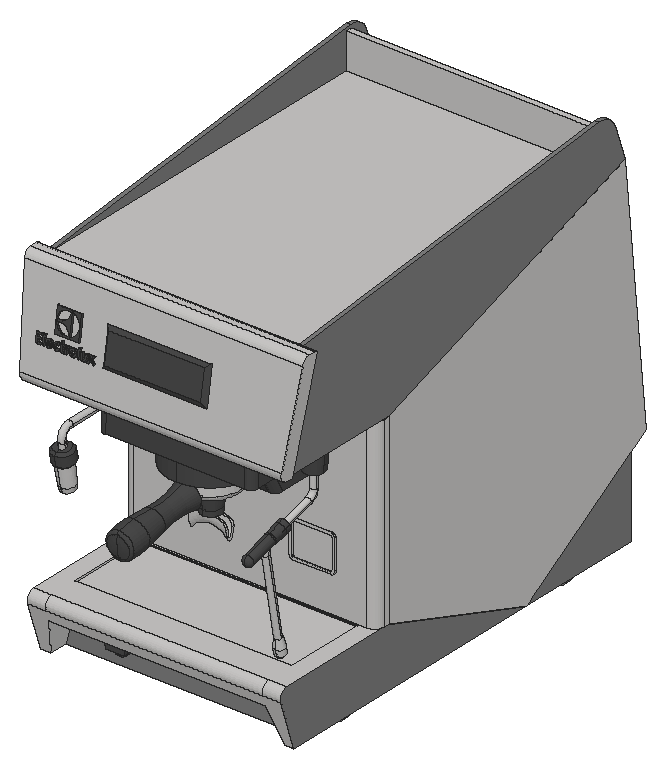
Revit family "QF_ELECTROLUXPROFESSIONAL_602515_MIRA1DHACL", category Specialty Equipment, Revit 2018 (continued)
Definition of nested family "ELX_Logo_S_New"
  Forms (mm)
    Extrusion 2, solid, material <- "M"
      sketch origin (0, 0, 0) x (1, 0, 0) y (0, 1, 0)
        loop
          spline (-17.695, -0.926) -> (-17.714, -0.681) -> (-17.771, -0.445) -> (-17.861, -0.221) -> (-17.984, -0.01) -> (-18.135, 0.184) -> (-18.314, 0.36) -> (-18.516, 0.516) -> (-18.741, 0.648) -> (-18.984, 0.755) -> (-19.244, 0.834) -> (-19.518, 0.883) -> (-19.804, 0.9)
          spline (-19.804, 0.9) -> (-20.11, 0.884) -> (-20.405, 0.835) -> (-20.686, 0.757) -> (-20.95, 0.652) -> (-21.195, 0.521) -> (-21.419, 0.367) -> (-21.618, 0.192) -> (-21.79, -0.003) -> (-21.934, -0.214) -> (-22.045, -0.439) -> (-22.122, -0.678) -> (-22.162, -0.926)
          line (-22.162, -0.926) -> (-17.695, -0.926)
        loop
          spline (-12.669, -1.807) -> (-12.646, -1.438) -> (-12.58, -1.088) -> (-12.472, -0.759) -> (-12.326, -0.455) -> (-12.145, -0.177) -> (-11.93, 0.072) -> (-11.685, 0.289) -> (-11.412, 0.473) -> (-11.114, 0.62) -> (-10.793, 0.728) -> (-10.453, 0.794) -> (-10.095, 0.817)
          spline (-10.095, 0.817) -> (-9.876, 0.81) -> (-9.665, 0.79) -> (-9.464, 0.756) -> (-9.271, 0.709) -> (-9.086, 0.65) -> (-8.908, 0.578) -> (-8.737, 0.495) -> (-8.572, 0.399) -> (-8.414, 0.292) -> (-8.261, 0.173) -> (-8.113, 0.044) -> (-7.969, -0.096)
          line (-7.969, -0.096) -> (-6.741, 1.183)
          spline (-6.741, 1.183) -> (-6.985, 1.427) -> (-7.237, 1.647) -> (-7.496, 1.843) -> (-7.762, 2.015) -> (-8.034, 2.164) -> (-8.312, 2.291) -> (-8.596, 2.397) -> (-8.886, 2.482) -> (-9.181, 2.546) -> (-9.481, 2.592) -> (-9.786, 2.619) -> (-10.095, 2.627)
          spline (-10.095, 2.627) -> (-10.715, 2.589) -> (-11.308, 2.476) -> (-11.871, 2.294) -> (-12.396, 2.046) -> (-12.88, 1.736) -> (-13.316, 1.369) -> (-13.7, 0.949) -> (-14.026, 0.48) -> (-14.289, -0.035) -> (-14.483, -0.59) -> (-14.604, -1.182) -> (-14.645, -1.807)
          spline (-14.645, -1.807) -> (-14.604, -2.431) -> (-14.483, -3.023) -> (-14.289, -3.578) -> (-14.026, -4.093) -> (-13.7, -4.562) -> (-13.316, -4.983) -> (-12.88, -5.35) -> (-12.396, -5.659) -> (-11.871, -5.907) -> (-11.308, -6.09) -> (-10.715, -6.202) -> (-10.095, -6.24)
          spline (-10.095, -6.24) -> (-9.786, -6.232) -> (-9.481, -6.205) -> (-9.181, -6.16) -> (-8.886, -6.095) -> (-8.596, -6.01) -> (-8.312, -5.904) -> (-8.034, -5.777) -> (-7.762, -5.628) -> (-7.496, -5.456) -> (-7.237, -5.26) -> (-6.985, -5.04) -> (-6.741, -4.796)
          line (-6.741, -4.796) -> (-7.969, -3.517)
          spline (-7.969, -3.517) -> (-8.113, -3.657) -> (-8.261, -3.786) -> (-8.414, -3.905) -> (-8.572, -4.012) -> (-8.737, -4.108) -> (-8.908, -4.192) -> (-9.086, -4.263) -> (-9.271, -4.323) -> (-9.464, -4.369) -> (-9.665, -4.403) -> (-9.876, -4.423) -> (-10.095, -4.43)
          spline (-10.095, -4.43) -> (-10.453, -4.408) -> (-10.793, -4.341) -> (-11.114, -4.233) -> (-11.412, -4.086) -> (-11.685, -3.902) -> (-11.93, -3.685) -> (-12.145, -3.436) -> (-12.326, -3.158) -> (-12.472, -2.854) -> (-12.58, -2.526) -> (-12.646, -2.176) -> (-12.669, -1.807)
        loop
          spline (-1.683, -4.138) -> (-1.858, -4.14) -> (-2.045, -4.127) -> (-2.24, -4.095) -> (-2.438, -4.04) -> (-2.633, -3.959) -> (-2.822, -3.85) -> (-2.998, -3.709) -> (-3.157, -3.533) -> (-3.294, -3.318) -> (-3.404, -3.061) -> (-3.483, -2.76) -> (-3.524, -2.411)
          line (-3.524, -2.411) -> (-3.524, 0.529) -> (-1.72, 0.529) -> (-1.72, 2.331) -> (-3.522, 2.331) -> (-3.522, 5.521) -> (-5.506, 5.521) -> (-5.506, -2.523)
          spline (-5.506, -2.523) -> (-5.463, -2.99) -> (-5.386, -3.429) -> (-5.274, -3.839) -> (-5.126, -4.218) -> (-4.941, -4.564) -> (-4.717, -4.877) -> (-4.455, -5.155) -> (-4.153, -5.396) -> (-3.81, -5.599) -> (-3.425, -5.762) -> (-2.998, -5.884) -> (-2.528, -5.964)
          line (-2.528, -5.964) -> (-1.69, -6.002) -> (-1.683, -4.138)
        loop
          spline (4.991, 2.446) -> (4.648, 2.468) -> (4.318, 2.461) -> (4.001, 2.429) -> (3.699, 2.371) -> (3.413, 2.288) -> (3.142, 2.182) -> (2.89, 2.052) -> (2.655, 1.901) -> (2.439, 1.728) -> (2.244, 1.535) -> (2.069, 1.322) -> (1.917, 1.091)
          line (1.917, 1.091) -> (1.917, 2.33) -> (-0.051, 2.33) -> (-0.051, -6.002) -> (1.917, -6.002) -> (1.917, -1.621)
          spline (1.917, -1.621) -> (1.935, -1.288) -> (1.988, -0.979) -> (2.075, -0.693) -> (2.195, -0.432) -> (2.345, -0.197) -> (2.526, 0.01) -> (2.736, 0.189) -> (2.972, 0.338) -> (3.235, 0.456) -> (3.522, 0.541) -> (3.832, 0.594) -> (4.165, 0.611)
          line (4.165, 0.611) -> (4.991, 0.529) -> (4.991, 2.446)
        loop
          spline (14.388, -1.836) -> (14.347, -1.224) -> (14.226, -0.642) -> (14.031, -0.093) -> (13.768, 0.418) -> (13.441, 0.887) -> (13.057, 1.308) -> (12.621, 1.677) -> (12.137, 1.989) -> (11.612, 2.24) -> (11.051, 2.425) -> (10.459, 2.539) -> (9.842, 2.578)
          spline (9.842, 2.578) -> (9.221, 2.539) -> (8.627, 2.425) -> (8.064, 2.24) -> (7.539, 1.989) -> (7.056, 1.677) -> (6.62, 1.308) -> (6.237, 0.887) -> (5.912, 0.418) -> (5.65, -0.093) -> (5.456, -0.642) -> (5.336, -1.224) -> (5.295, -1.836)
          spline (5.295, -1.836) -> (5.336, -2.447) -> (5.456, -3.029) -> (5.65, -3.578) -> (5.912, -4.089) -> (6.237, -4.558) -> (6.62, -4.979) -> (7.056, -5.348) -> (7.539, -5.66) -> (8.064, -5.911) -> (8.627, -6.096) -> (9.221, -6.211) -> (9.842, -6.25)
          spline (9.842, -6.25) -> (10.459, -6.211) -> (11.051, -6.096) -> (11.612, -5.911) -> (12.137, -5.66) -> (12.621, -5.348) -> (13.057, -4.979) -> (13.441, -4.558) -> (13.768, -4.089) -> (14.031, -3.578) -> (14.226, -3.029) -> (14.347, -2.447) -> (14.388, -1.836)
        loop
          spline (12.42, -1.836) -> (12.397, -1.475) -> (12.33, -1.131) -> (12.222, -0.807) -> (12.075, -0.504) -> (11.893, -0.227) -> (11.677, 0.022) -> (11.431, 0.241) -> (11.157, 0.426) -> (10.859, 0.575) -> (10.538, 0.685) -> (10.198, 0.753) -> (9.842, 0.777)
          spline (9.842, 0.777) -> (9.482, 0.753) -> (9.14, 0.685) -> (8.818, 0.575) -> (8.519, 0.426) -> (8.246, 0.241) -> (8.001, 0.022) -> (7.786, -0.227) -> (7.605, -0.504) -> (7.459, -0.807) -> (7.352, -1.131) -> (7.286, -1.475) -> (7.263, -1.836)
          spline (7.263, -1.836) -> (7.286, -2.196) -> (7.352, -2.54) -> (7.459, -2.865) -> (7.605, -3.167) -> (7.786, -3.444) -> (8.001, -3.694) -> (8.246, -3.912) -> (8.519, -4.098) -> (8.818, -4.247) -> (9.14, -4.357) -> (9.482, -4.425) -> (9.842, -4.448)
          spline (9.842, -4.448) -> (10.198, -4.425) -> (10.538, -4.357) -> (10.859, -4.247) -> (11.157, -4.098) -> (11.431, -3.912) -> (11.677, -3.694) -> (11.893, -3.444) -> (12.075, -3.167) -> (12.222, -2.865) -> (12.33, -2.54) -> (12.397, -2.196) -> (12.42, -1.836)
        loop
          line (15.608, 0.275) -> (15.608, -6.002) -> (17.593, -6.002) -> (17.593, 5.521) -> (15.608, 5.521) -> (15.608, 0.275)
        loop
          line (24.747, 2.33) -> (24.747, -2.513)
          spline (24.747, -2.513) -> (24.731, -2.828) -> (24.685, -3.112) -> (24.61, -3.366) -> (24.507, -3.59) -> (24.38, -3.785) -> (24.229, -3.952) -> (24.056, -4.091) -> (23.863, -4.203) -> (23.652, -4.29) -> (23.425, -4.35) -> (23.183, -4.386) -> (22.928, -4.398)
          spline (22.928, -4.398) -> (22.674, -4.386) -> (22.432, -4.35) -> (22.205, -4.29) -> (21.994, -4.204) -> (21.802, -4.092) -> (21.629, -3.954) -> (21.478, -3.788) -> (21.35, -3.595) -> (21.248, -3.373) -> (21.173, -3.122) -> (21.126, -2.841) -> (21.11, -2.53)
          line (21.11, -2.53) -> (21.11, 2.33) -> (19.11, 2.33) -> (19.11, -2.696)
          spline (19.11, -2.696) -> (19.145, -3.265) -> (19.248, -3.783) -> (19.413, -4.25) -> (19.636, -4.667) -> (19.912, -5.033) -> (20.236, -5.349) -> (20.603, -5.616) -> (21.008, -5.833) -> (21.446, -6.001) -> (21.913, -6.121) -> (22.403, -6.193) -> (22.912, -6.217)
          spline (22.912, -6.217) -> (23.425, -6.193) -> (23.92, -6.12) -> (24.39, -5.998) -> (24.832, -5.828) -> (25.241, -5.607) -> (25.611, -5.337) -> (25.937, -5.016) -> (26.216, -4.645) -> (26.441, -4.222) -> (26.608, -3.749) -> (26.711, -3.223) -> (26.747, -2.646)
          line (26.747, -2.646) -> (26.747, 2.33) -> (24.747, 2.33)
        loop
          line (34.253, -3.337) -> (33.002, -1.588) -> (34.551, 0.523) -> (35.878, 2.33) -> (33.713, 2.33) -> (31.91, -0.166) -> (30.092, 2.33) -> (27.943, 2.33) -> (29.175, 0.645) -> (30.82, -1.604) -> (29.096, -4.004) -> (27.662, -6.002) -> (29.794, -6.002) -> (31.91, -3.059) -> (34.027, -6.002) -> (36.159, -6.002) -> (34.253, -3.337)
      from 0 to 1.644
  Dimensions and locks
    aligned and locked: plane 2 to Extrusion 1
    aligned and locked: level to Extrusion 1
Types (2, lengths in mm): name | URL | Manufacturer | Phase | Model | Description | Cold Water Size
  (no name) | 0 | 0 | 0 | 0 | 0 | 0
  QF_ELECTROLUX_602515_MIRA1DHACL | "http://professional.electrolux.com" | "Electrolux" | 1 | "MIRA1DHACL" | "ESPRESSO  COFFEE WITH CAPSULE (FAP) MACHINE - 1 GROUP - 6.3LT BOILER - 4 PROGRAMMABLE DOSING PROGRAM - STEAM & WATER" | 9.525
